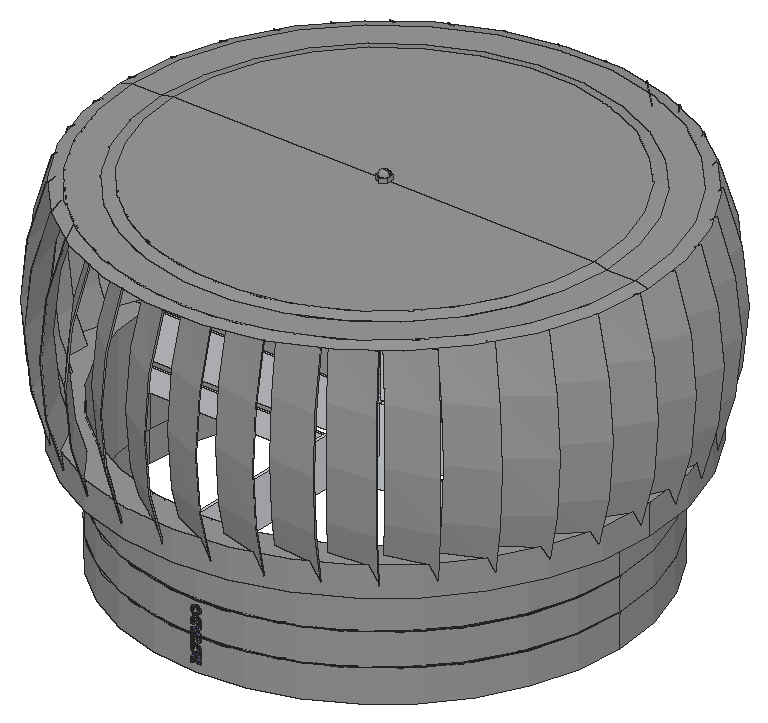
Revit family "ROTADO_РотационноДинамическийДефлектор_RDD", category Воздухораспределители, Revit 2019 (continued)
Definition of nested family "RORADO_Logo_MIN"
  Automatic sketch dimensions
    Extrusion 1 sketch curve to Extrusion 1 sketch curve = 4.316 mm
    Extrusion 1 sketch curve to Extrusion 1 sketch curve = 1.435 mm
    Extrusion 1 sketch curve to Extrusion 1 sketch curve = 1.922 mm
    Extrusion 1 sketch curve to Extrusion 1 sketch curve = 3.261 mm
    Extrusion 1 sketch curve to Extrusion 1 sketch curve = 0.769 mm
    Extrusion 1 sketch curve to Extrusion 1 sketch curve = 1.535 mm
    Extrusion 1 sketch curve to Extrusion 1 sketch curve = 0.714 mm
    Extrusion 1 sketch curve to Extrusion 1 sketch curve = 0.666 mm
    Extrusion 1 sketch curve to Extrusion 1 sketch curve = 0.744 mm  (x4)
    Extrusion 1 sketch curve to Extrusion 1 sketch curve = 0.011 mm
    Extrusion 1 sketch curve to Extrusion 1 sketch curve = 0.023 mm
    Extrusion 1 sketch curve to Extrusion 1 sketch curve = 0.035 mm
Types (9, lengths in mm): name | Угол_Ламель | Длина остатка_Ламель | Высота_ламель | H_1 | D_2 | D_1 | ADSK_Размер_Ширина | ADSK_Размер_Длина | ADSK_Размер_Диаметр | ADSK_Размер_Высота | ADSK_Полная мощность | ADSK_Обозначение | ADSK_Номинальная мощность | ADSK_Масса_Текст | ADSK_Масса | ADSK_Марка
  RDD-300 | 30.7723° | 184.73 | 220 | 452 | 430 | 302 | 430 | 430 | 300 | 452 | 18.9474 VA | "RDD-300" | 18 W | "6" | 6 | "RDD-300"
  RDD-315 | 29.6928° | 186.769 | 213 | 445 | 430 | 317 | 430 | 430 | 315 | 445 | 18.9474 VA | "RDD-315" | 18 W | "6" | 6 | "RDD-315"
  RDD-355 | 27.8466° | 201.598 | 213 | 445 | 456 | 357 | 456 | 456 | 355 | 445 | 18.9474 VA | "RDD-355" | 18 W | "6" | 6 | "RDD-355"
  RDD-400 | 27.0644° | 272.046 | 278 | 510 | 611 | 402 | 611 | 611 | 400 | 510 | 26.3158 VA | "RDD-400" | 25 W | "8" | 8 | "RDD-400"
  RDD-450 | 26.6402° | 277.09 | 278 | 510 | 620 | 452 | 620 | 620 | 450 | 510 | 26.3158 VA | "RDD-450" | 25 W | "8" | 8 | "RDD-450"
  RDD-500 | 24.1749° | 287.374 | 258 | 490 | 630 | 502 | 630 | 630 | 500 | 490 | 26.3158 VA | "RDD-500" | 25 W | "8" | 8 | "RDD-500"
  RDD-600 | 24.9089° | 385.466 | 358 | 590 | 850 | 602 | 850 | 850 | 600 | 590 | 35.7895 VA | "RDD-600" | 34 W | "12" | 12 | "RDD-600"
  RDD-680 | 24.5999° | 390.972 | 358 | 590 | 860 | 682 | 860 | 860 | 680 | 590 | 35.7895 VA | "RDD-680" | 34 W | "12" | 12 | "RDD-680"
  RDD-800 | 21.7763° | 448.068 | 358 | 590 | 965 | 802 | 965 | 965 | 800 | 590 | 35.7895 VA | "RDD-800" | 34 W | "14" | 14 | "RDD-800"
